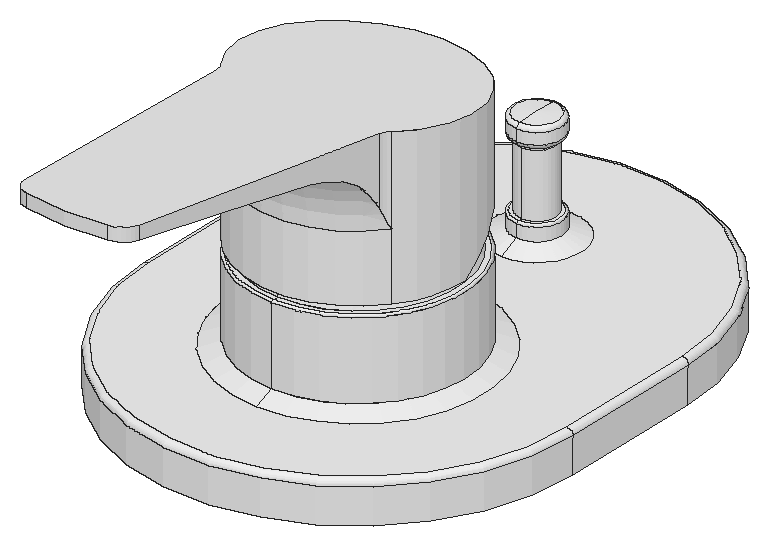
Revit family "Grohe_PlumbingFixture_Bauflow_SingleLeverBathMixer_29045000a", category Plumbing Fixtures, host Face, Revit 2018
Family settings
  Host = Face
  Round Connector Dimension = Use Diameter
  Part Type = Normal
  OmniClass Number = 23.65.00.00
  OmniClass Title = Supply and Distribution of Liquids and Gases
  Cut with Voids When Loaded = No
  Shared = No
  Room Calculation Point = No
Parameters (values of type "29045000")
  _ObjectUserGuide = "www.bimstore.co"
  _DistributedBy = "www.bimstore.co"
  _CurrentRevision = 1
  _CreatedBy = "www.bimstore.co"
  _BimSpecGuid = 0
  _BSBibleVersion = 16
  _AuthorizedBy = "bimstore"
  _Author = "RL"
  WarrantyStartDate [instance] = "Please record on commissioning."
  WarrantyGuarantorParts = "info-uk@grohe.com"
  WarrantyGuarantorLabor = "info-uk@grohe.com"
  WarrantyDurationUnit = "Years"
  WarrantyDurationParts = "0"
  WarrantyDurationLabor = "0"
  WarrantyDescription = "n/a"
  URL = "www.grohe.com"
  TypeName = "BAUFLOW - SINGLE-LEVER BATH MIXER"
  Type Comments = "SINGLE-LEVER BATH MIXER"
  SpareParts = "info-uk@grohe.com"
  Size = "n/a"
  Shape = "n/a"
  SerialNumber [instance] = "Please record on commissioning."
  ReplacementCost = "n/a"
  ReferencedStandard = "n/a"
  ProductionYear = "2020"
  ProductPageURL = "https://www.grohe.co.in/en_in/bauflow-single-lever-bath-mixer-29045000.html"
  ProductDocumentationLink = "n/a"
  PercentageOfRecycledContent = "n/a"
  NominalLength = 0 mm
  NominalHeight = 0 mm
  NominalDepth = 0 mm
  NBSReference = "45-35-70/315"
  NBSOfficeMasterTag = "n/a"
  NBSObjectName = "Grohe - Water supply fittings for baths"
  NBSNote = ""
  NBSDescription = "Water supply fittings for baths"
  ModelReference = "BAUFLOW - SINGLE-LEVER BATH MIXER"
  ModelNumber = "29045000"
  Model = "BAUFLOW"
  Material = "n/a"
  MasterformatTitle = "Sanitary Facilities"
  MasterformatNumber = "01 52 19"
  ManufacturerName = "Grohe"
  Manufacturer = "Grohe"
  LowEmittingMaterial = no
  LEEDCredit = "n/a"
  Keynote = "N13"
  InstallationDate [instance] = "Please record on commissioning."
  IndustryStandards = "n/a"
  IfcExportType = "IfcPipeFittingType"
  IfcExportAs = "IfcPipeFitting"
  HotWaterConnectionDiameter = 10 mm
  HWFU = 0
  Grade = "n/a"
  Finish = "n/a"
  Features = "concealed installation \r\nconsisting of: \r\nset for final installation \r\nconcealed body (32 963 001) \r\nmetal lever \r\nGROHE Longlife 46 mm ceramic cartridge \r\nGROHE StarLight chrome finish \r\nadjustable flow rate limiter \r\nadjustable minimum flow rate approx. 2.5 l/min \r\nautomatic diverter: bath/shower \r\nescutcheon- and shaft-sealing \r\noptional temperature limiter"
  FaucetMaterial = Grohe-Chrome
  ExpectedLife = 0
  Ecojoy = no
  DurationUnit = "Years"
  DocumentationTechnical = "www.grohe.co.uk/"
  DocumentationMaintenance = "www.grohe.co.uk/"
  DocumentationLiterature = "www.grohe.co.uk/"
  DocumentationInstallationGuide = "www.grohe.co.uk/"
  DocumentationCertificates = "www.grohe.co.uk/"
  Description = "Created for contemporary bathrooms where there is a full shower over the bathtub, this GROHE BauFlow single-lever bath mixer will bring flowing, harmonious lines and great performance to your scheme. The wall-mounted, concealed mixer lets you switch effortlessly between the bath and shower. It features an adjustable flow rate limiter with a minimum flow rate of 2.5l/min. Operation is via a solid metal lever handle. This set includes the GROHE concealed body (32963000). Internally the GROHE LongLife ceramic cartridge delivers reliable volume control and durability. And thanks to the sparkling and hardwearing GROHE StarLight chrome finish this bathroom mixer will stay looking immaculate for years to come."
  Default Elevation = 0 mm
  CreatedOn = "2020-03-01T09:00:00"
  CreatedBy = "info-uk@grohe.com"
  Cost = 0
  ContactGrohe = "info-uk@grohe.com"
  Constituents = "n/a"
  Color = "Chrome"
  ColdWaterConnectionDiameter = 10 mm
  CodePerformance = "n/a"
  ClassificationValue = "Pr_40_20_87_07"
  ClassificationName = "Uniclass 2015"
  CWFU = 0
  BarCode [instance] = "Please record on commissioning."
  BIMObjectName = "Grohe_PlumbingFixture_Bauflow_SingleLeverBathMixer_29045000"
  AssetType = "Fixed"
  AssetIdentifier [instance] = "Please record on commissioning."
  Assembly Code = "D2010"
  AccessibilityPerformance = "n/a"
  ADACompliant = no
Reference planes
  plane 1 "Center (Front/Back)": y = 0
  plane 2: z = 0
  plane 3 "Center (Left/Right)": x = 0
Forms (mm)
  Revolve 1, solid, material "Grohe-Chrome" <- "FaucetMaterial"
    sketch origin (0, 0, 0) x (0, 1, 0) y (0, 0, 1)
      loop
        line (30.803, 10) -> (26.108, 11.754) -> (26.108, 30.503)
        arc (26.108, 30.503) -> (25.961, 30.857) -> (25.608, 31.003) r 0.5
        line (25.608, 31.003) -> (24.269, 31.003)
        arc (24.269, 31.003) -> (15.411, 44.688) -> (0, 50.003) r 25
        line (0, 50.003) -> (0, 10) -> (30.803, 10)
      axis (0, 50.003) -> (0, 10)
    angle from 0 to 360
  Revolve 2, void
    sketch origin (0, 0, 0) x (0, 1, 0) y (0, 0, 1)
      loop
        line (-26, 33.01) -> (-26, 49.31)
        arc (-26, 49.31) -> (-30.332, 61.206) -> (-41.301, 67.531) r 18.5
        arc (-41.301, 67.531) -> (-65.923, 71.646) -> (-90.609, 75.355) r 1518.751
        line (-90.609, 75.355) -> (-90.609, 33.01) -> (-26, 33.01)
      axis (0, 75.355) -> (0, 33.01)
    angle from -90 to 90
  Extrusion 3, void
    sketch origin (0, 0, 0) x (0, 1, 0) y (0, 0, 1)
      loop
        line (0, 33.01) -> (26, 33.01) -> (26, 49.256) -> (0, 33.01)
      loop
        arc (-99.391, 79.31) -> (-36.599, 73.125) -> (26, 65.224) r 2306.354
        line (26, 65.224) -> (26, 79.31) -> (-99.391, 79.31)
    from -30 to 30
  Extrusion 4, solid, material "Grohe-Chrome" <- "FaucetMaterial"
    sketch origin (0, 0, 0) x (1, 0, 0) y (0, 1, 0)
      loop
        arc (20.771, -15.638) -> (0, 26) -> (-20.771, -15.638) r 26
        arc (-20.771, -15.638) -> (-20.098, -16.853) -> (-19.785, -18.206) r 5
        line (-19.785, -18.206) -> (-13.978, -83.96)
        arc (-13.978, -83.96) -> (-12.704, -86.877) -> (-9.927, -88.433) r 5
        arc (-9.927, -88.433) -> (0.001, -89.364) -> (9.928, -88.431) r 53.375
        arc (9.928, -88.431) -> (12.704, -86.875) -> (13.978, -83.958) r 5
        line (13.978, -83.958) -> (19.785, -18.206)
        arc (19.785, -18.206) -> (20.098, -16.853) -> (20.771, -15.638) r 5
    from 33.01 to 78.82
  Revolve 5, solid, material "Grohe-Chrome" <- "FaucetMaterial"
    sketch origin (0, 54.583, 0) x (0, 1, 0) y (0, 0, 1)
      loop
        line (10.747, 10) -> (6, 11.899) -> (6, 15)
        arc (6, 15) -> (5.854, 15.354) -> (5.5, 15.5) r 0.5
        line (5.5, 15.5) -> (4.5, 15.5) -> (4.5, 30.979)
        arc (4.5, 30.979) -> (4.709, 31.591) -> (5.25, 31.947) r 1
        arc (5.25, 31.947) -> (5.791, 32.303) -> (6, 32.916) r 1
        line (6, 32.916) -> (6, 35.692)
        arc (6, 35.692) -> (5.742, 36.362) -> (5.102, 36.686) r 1
        arc (5.102, 36.686) -> (2.554, 36.882) -> (0, 36.947) r 50
        line (0, 36.947) -> (0, 10) -> (10.747, 10)
      axis (0, 36.947) -> (0, 10)
    angle from 0 to 360
  Sweep 6, solid, material "Grohe-Chrome" <- "FaucetMaterial"
    path origin (0, 0, 0) x (1, 0, 0) y (0, 1, 0)
      loop
        arc (52.594, 34.906) -> (0.094, 87.406) -> (-52.406, 34.906) r 52.5
        line (-52.406, 34.906) -> (-52.406, -0.094)
        arc (-52.406, -0.094) -> (0.094, -52.594) -> (52.594, -0.094) r 52.5
        line (52.594, -0.094) -> (52.594, 34.906)
    profile origin (0.094, 87.406, 0) x (0, -1, 0) y (0, 0, 1)
      loop
        line (0, 8.5) -> (0, 0) -> (20, 0) -> (20, 10) -> (1.5, 10)
        arc (1.5, 10) -> (0.439, 9.561) -> (0, 8.5) r 1.5
  Extrusion 7, solid, material "Grohe-Chrome" <- "FaucetMaterial"
    sketch origin (0, 0, 0) x (1, 0, 0) y (0, 1, 0)
      loop
        arc (-32.406, -0.094) -> (0.094, -32.594) -> (32.594, -0.094) r 32.5
        line (32.594, -0.094) -> (32.594, 34.906)
        arc (32.594, 34.906) -> (0.094, 67.406) -> (-32.406, 34.906) r 32.5
        line (-32.406, 34.906) -> (-32.406, -0.094)
    from 0 to 10
Cuts and joins
  Revolve 2, Extrusion 3 cuts Extrusion 4
  joined: Revolve 1, Extrusion 4, Revolve 5, Sweep 6, Extrusion 7
Dimensions and locks
  aligned and locked: plane 2 to host face
  aligned and locked: level to host face
